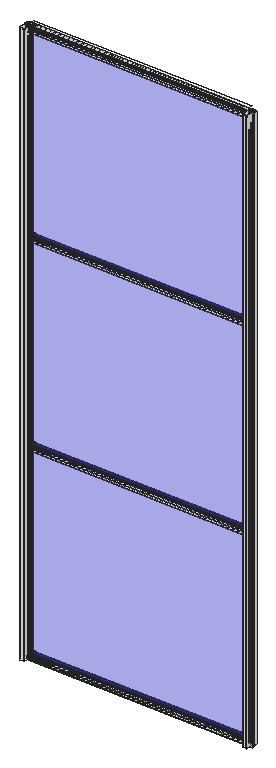
Revit family "Facade_60_Curtain_Wall_S13_Standard", category Windows, host Wall, Revit 2014
Parameters (values of type "F60-S13-3075-2000Pa")
  Windload Design [instance] = if(Custom Windload < 1001 mm, 1000 mm, if(Custom Windload < 1501 mm, 1500 mm, 2000 mm))  # 2000 mm
  Width [instance] = if(Custom Curtain Wall Width < Limit Door Width Min, Limit Door Width Min, if(Custom Curtain Wall Width > Limit Door Width Max, Limit Door Width Max, Custom Curtain Wall Width))  # 2990 mm
  Wall Thickness [instance] = 200 mm
  Vertical Profile Length [instance] = Height - Frame Bottom Gap  # 7460 mm
  URL = "http://www.crealco.co.za/crealco-products.php"
  Type Comments = ""
  Thermal Resistance (R) [instance] = if(IGDB or SAGDB Number = 100100, 1.0000 (m²·K)/W / Intruderprufe U Value, if(IGDB or SAGDB Number = 100100, 1.0000 (m²·K)/W / Intruderprufe U Value, if(IGDB or SAGDB Number = 105003, 1.0000 (m²·K)/W / Intruderprufe Insulated U Value, if(IGDB or SAGDB Number = 105004, 1.0000 (m²·K)/W / Intruderprufe Insulated LowE U Value, 1.0000 (m²·K)/W / 7.9)))) * 1  # 0.126582 (m²·K)/W
  Thermal Break Material = Plastic, Opaque Black
  Solar Heat Gain Coefficient [instance] = if(IGDB or SAGDB Number = 100100, Intruderprufe SHGC Value, if(IGDB or SAGDB Number = 103200, Intruderprufe LowE SHGC Value, if(IGDB or SAGDB Number = 105003, Intruderprufe Insulated SHGC Value, if(IGDB or SAGDB Number = 105004, Intruderprufe Insulated LowE SHGC Value, 0))))  # 0
  Single Glazing [instance] = if(DG Forced, 1 = 0, not(Double Glazing))  # no
  Sill Height = 85 mm  # constant formula
  SG Forced [instance] = not(DG Forced)  # no
  Quarter Expansion Break = no
  Overall Width [instance] = 2990 mm
  Overall Height [instance] = 7490 mm
  Mullion Configuration = 1 mm  # constant formula
  Model = "Façade 60 "  # constant formula
  Transom Vertical Spacing [instance] = (Height - Frame Bottom Gap - (4 mm * 60)) / 3  # 2406.667 mm
  Mid Glazing Bottom Gap [instance] = Frame Bottom Gap + 60 mm + Transom Vertical Spacing + 39.8 mm  # 2536.467 mm
  Max System DG Unit Thickness = 25 mm  # constant formula
  Max System DG One Piece Thickness [instance] = rounddown((Max System DG Unit Thickness - DG Gasket Thickness) / 2 mm) * 1 mm  # 6 mm
  Max Pane Area [instance] = Glazing Width * Glazing Height  # 7.12194 m²
  Manufacturer = "Crealco"  # constant formula
  Limit Door Width Min = Limit Panel Width Min + (2 * Glazing Side Gap)  # 379.6 mm
  Limit Door Width Max = Limit Panel Width Max + (2 * Glazing Side Gap)  # 3079.6 mm
  Limit Door Height Min = (3 * Limit Panel Height Min) + 69.8 mm + (2 mm * 19.6) + 39.8 mm  # 1048.8 mm
  Limit Door Height Max = (3 * Limit Panel Height Max) + 69.8 mm + (2 mm * 19.6) + 39.8 mm  # 18148.8 mm
  Limit Panel Width Min = 300 mm  # constant formula
  Limit Panel Width Max = 3000 mm  # constant formula
  Limit Panel Height Min = 300 mm  # constant formula
  Limit Panel Height Max = 6000 mm  # constant formula
  Sill Length [instance] = Width  # 2990 mm
  Length Sill [instance] = Width  # 2990 mm
  Keynote = ""
  Jamb Width = 60 mm  # constant formula
  Intruderprufe U Value = 5.75
  Intruderprufe SHGC Value = 0.748
  Intruderprufe LowE U Value = 3.98
  Intruderprufe LowE SHGC Value = 0.655
  Intruderprufe Insulated U Value = 2.88
  Intruderprufe Insulated SHGC Value = 0.643
  Intruderprufe Insulated LowE U Value = 2.17
  Intruderprufe Insulated LowE SHGC Value = 0.579
  Horizontal Profile Length [instance] = Width - (2 * Jamb Width)  # 2870 mm
  Half Expansion Break = no
  Glazing Width [instance] = Horizontal Profile Length + (2 mm * 20.2)  # 2910.4 mm
  Glazing Top Gap = 39.8 mm  # constant formula
  Glazing Side Gap = 39.8 mm  # constant formula
  Glazing Height [instance] = (Height - Glazing Top Gap - Glazing Bottom Gap - (2 * (60 mm - 20.2 mm - 20.2 mm))) / 3  # 2447.067 mm
  Glazing Gap SG [instance] = (14 mm - SG Thickness) / 2  # 2 mm
  Glazing Gap DG [instance] = (28 mm - (DG Thickness + DG Thickness + DG Gasket Thickness)) / 2  # 2 mm
  Glazing Bottom Gap = 69.8 mm  # constant formula
  Frame Thickness = 101.8 mm  # constant formula
  Frame Bottom Gap = 30 mm  # constant formula
  Door Leaf Height [instance] = 2050 mm
  Double Glazing [instance] = yes
  DG Thickness Calc [instance] = if(not(Max Pane Area > 1.125 m²), 4 mm, if(not(Max Pane Area > 2.25 m²), 4 mm, if(not(Max Pane Area > 3.15 m²), 5 mm, if(not(Max Pane Area > 4.35 m²), 6 mm, if(not(Max Pane Area > 6.45 m²), 8 mm, 10 mm)))))  # 10 mm
  DG Thickness [instance] = if(IGDB or SAGDB Number = 105003, 6 mm, if(IGDB or SAGDB Number = 105004, 7 mm, if(DG Thickness Calc > Max System DG One Piece Thickness, Max System DG One Piece Thickness, DG Thickness Calc)))  # 6 mm
  DG Gasket Thickness = 12 mm  # constant formula
  DG Gasket Finish [instance] = Double Glazing Gasket Material
  DG Forced [instance] = if(IGDB or SAGDB Number = 100100, 1 = 0, if(IGDB or SAGDB Number = 103200, 1 = 0, if(IGDB or SAGDB Number = 105003, 1 = 1, if(IGDB or SAGDB Number = 105004, 1 = 1, Double Glazing))))  # yes
  IGDB or SAGDB Number [instance] = 0
  Height [instance] = if(Custom Curtain Wall Height < Limit Door Height Min, Limit Door Height Min, if(Custom Curtain Wall Height > Limit Door Height Max, Limit Door Height Max, Custom Curtain Wall Height))  # 7490 mm
  Heat Transfer Coefficient (U) [instance] = if(IGDB or SAGDB Number = 100100, Intruderprufe U Value, if(IGDB or SAGDB Number = 103200, Intruderprufe LowE U Value, if(IGDB or SAGDB Number = 105003, Intruderprufe Insulated U Value, if(IGDB or SAGDB Number = 105004, Intruderprufe Insulated LowE U Value, 7.9)))) * 1.0000 W/(m²·K)  # 7.9000 W/(m²·K)
  SG Thickness [instance] = if(IGDB or SAGDB Number = 100100, 6 mm, if(IGDB or SAGDB Number = 103200, 7 mm, if(not(Max Pane Area > 0.75 m²), 4 mm, if(not(Max Pane Area > 1.50 m²), 4 mm, if(not(Max Pane Area > 2.10 m²), 5 mm, if(not(Max Pane Area > 2.90 m²), 6.4 mm, if(not(Max Pane Area > 4.30 m²), 8 mm, 10 mm)))))))  # 10 mm
  Glazing Material [instance] = if(IGDB or SAGDB Number = 100100, "PFG INTRUDERPRUFE 6.38mm", if(IGDB or SAGDB Number = 103200, "PFG INTRUDERPRUFE LOW-E 7.38mm", if(IGDB or SAGDB Number = 105003, "PFG 25mm INTRUDERPRUFE INSULATED GLASS", if(IGDB or SAGDB Number = 105004, "PFG 25mm INTRUDERPRUFE INSULATED GLASS LOW-E", "Unknown"))))  # "Unknown"
  Glazing Finish [instance] = Glass
  Glazing Code [instance] = if(IGDB or SAGDB Number = 100100, "LAM01", if(IGDB or SAGDB Number = 103200, "LAM01E", if(IGDB or SAGDB Number = 105003, "IGU25", if(IGDB or SAGDB Number = 105004, "IGU25E", "Unknown"))))  # "Unknown"
  Frame Offset From Exterior [instance] = if(Centered In Wall, (Wall Thickness - Frame Thickness) / 2, Custom Offset From Exterior) + 5.9 mm  # 55 mm
  Description = "Curtain wall, S13 "  # constant formula
  Default Sill Height = 0 mm
  Wall Closure = By host
  Custom Curtain Wall Width = 2990 mm
  Custom Curtain Wall Height = 7490 mm
  Custom Windload = 2000 mm
  Custom Offset From Exterior = 10 mm
  Centered In Wall [instance] = 1 = 1  # yes
  Aluminium Finish [instance] = White Powder Coated Aluminium ANP 1052
  All Available Glazing Numbers [instance] = "The rows below list the available glazing materials for this window:"  # constant formula
  190mm Mullion = if(Mullion Configuration = 3 mm, 1 = 1, 1 = 0)  # no
  160mm Mullion = if(Mullion Configuration = 2 mm, 1 = 1, 1 = 0)  # no
  105004 [instance] = "IGU25E"  # constant formula
  105003 [instance] = "IGU25"  # constant formula
  103200 [instance] = "LAM01E"  # constant formula
  100mm Mullion = if(or(Mullion Configuration = 2 mm, Mullion Configuration = 3 mm), 1 = 0, 1 = 1)  # yes
  100100 [instance] = "LAM01"  # constant formula
Reference planes
  plane 1 "Center (Front/Back)": y = 0
  plane 2 "Center (Left/Right)": x = 0
  plane 3 "Left": x = -1495
  plane 4 "Right": x = 1495
  plane 5 "Sill": z = 0
  plane 6 "Head": z = 7490
  plane 7 "Exterior": y = 100
  plane 8 "Interior": y = -100
Lines and regions (mm)
  Opening 1
    outline origin (3507.082, -100, 0) x (1, 0, 0) y (0, 0, 1)
      loop
        line (-2012.082, 0) -> (-2012.082, 7490) -> (-5002.082, 7490) -> (-5002.082, 0) -> (-2012.082, 0)
Text (mm)
  text "EXTERIOR" at (-1963.203, 1332.353, 0), in view "Ref. Level"
  text "INTERIOR" at (-1981.466, -818.386, 0), in view "Ref. Level"
  text "Exterior" at (0, 923.751, 2943.296), in view "Right"
  text "Exterior" at (0, 1040.484, 2685.409), in view "Left"
Dimensions and locks
  equal spacing: plane 3 "Left", plane 2 "Center (Left/Right)", plane 4 "Right"
  "Width": plane 3 "Left" to plane 4 "Right"
  "Height": plane 5 "Sill" to plane 6 "Head"
  "Default Sill Height": plane 5 "Sill" to level
  locked: plane 7 "Exterior" to host wall at 0
  locked: plane 8 "Interior" to host wall
  "Overall Height": plane 6 "Head" to plane 5 "Sill"
  "Overall Width": plane 3 "Left" to plane 4 "Right"
  "Wall Thickness": host wall to host wall
  "Jamb Width": nested 3 to plane 4 "Right"
  "Jamb Width": nested 5 to plane 4 "Right"
  "Frame Bottom Gap": nested 5 to level
  "Frame Offset From Exterior": nested 1 to plane 7 "Exterior"
  "Glazing Side Gap": nested 6 to plane 4 "Right"
  "Glazing Top Gap": nested 6 to plane 6 "Head"
  "Glazing Gap SG": nested 6 to nested 1
  "Glazing Side Gap": nested 7 to plane 4 "Right"
  "Glazing Top Gap": nested 7 to plane 6 "Head"
  "Glazing Gap DG": nested 7 to nested 1
  "Jamb Width": nested 8 to plane 4 "Right"
  "Glazing Side Gap": nested 9 to plane 4 "Right"
  "Glazing Side Gap": nested 10 to plane 4 "Right"
  "Glazing Gap SG": nested 10 to nested 1
  "Glazing Gap DG": nested 9 to nested 1
  "Glazing Bottom Gap": nested 9 to level
  "Glazing Bottom Gap": nested 10 to level
  locked: nested 1 to nested 5 at 8.887
  "Transom Vertical Spacing": nested 8 to nested 5
  "Jamb Width": nested 11 to plane 4 "Right"
  "Transom Vertical Spacing": nested 11 to nested 8
  "Glazing Side Gap": nested 12 to plane 4 "Right"
  "Glazing Side Gap": nested 13 to plane 4 "Right"
  "Glazing Gap SG": nested 13 to nested 1
  "Glazing Gap DG": nested 12 to nested 1
  "Mid Glazing Bottom Gap": nested 12 to level
  "Mid Glazing Bottom Gap": nested 13 to level
  aligned and locked: plane 4 "Right" to nested 1
  aligned and locked: nested 1 to plane 6 "Head"
  aligned and locked: plane 3 "Left" to nested 2
  aligned and locked: plane 6 "Head" to nested 2
  aligned and locked: nested 3 to plane 6 "Head"
  aligned and locked: nested 1 to nested 3
  aligned and locked: nested 4 to level
  aligned and locked: plane 4 "Right" to nested 4
  aligned and locked: nested 1 to nested 2
  aligned and locked: nested 5 to nested 4
  aligned and locked: nested 8 to nested 3
  aligned and locked: nested 11 to nested 3
Automatic sketch dimensions
  plane 3 "Left" to Opening 1 sketch curve = 0 mm
  plane 4 "Right" to Opening 1 sketch curve = 0 mm
  Opening 1 sketch curve to plane 5 "Sill" = 0 mm
  Opening 1 sketch curve to plane 6 "Head" = 0 mm
Nested families
  nested 1: "F60 Vertical Profile Side_S13_Std" at (1495, -1.058, 30) x (-1, 0, 0) z (0, 0, 1), Thermal Break Material <- "Thermal Break Material", Profile Material <- "Aluminium Finish", Length <- "Vertical Profile Length", Single Glazing <- "SG Forced", Double Glazing <- "DG Forced", 100mm Mullion <- "100mm Mullion", 160mm Mullion <- "160mm Mullion", 190mm Mullion <- "190mm Mullion", Quarter Expansion Break <- "Quarter Expansion Break", Half Expansion Break <- "Half Expansion Break", type "F60 Vertical Profile Side_S13_Std"
    with Thermal Break Material Plastic, Opaque Black, Single Glazing no, Quarter SG Expansion Break no, Quarter Length 1865 mm, Quarter Expansion Break no, Quarter DG Expansion Break no, Quarter 190mm Expansion Break no, Quarter 160mm Expansion Break no, Quarter 100mm Expansion Break no, Profile Material White Powder Coated Aluminium ANP 1052, Length 7460 mm, Half SG Expansion Break no, Half Length 3730 mm, Half Expansion Break no, Half DG Expansion Break no, Half 190mm Expansion Joint no, Half 160mm Expansion Break no, Half 100mm Expansion Break no, Double Glazing yes, 190mm Mullion no, 160mm Mullion no, 100mm Mullion yes
  nested 2: "F60 Vertical Profile Side_S13_Std" at (-1495, -1.058, 30), Thermal Break Material <- "Thermal Break Material", Profile Material <- "Aluminium Finish", Length <- "Vertical Profile Length", Single Glazing <- "SG Forced", Double Glazing <- "DG Forced", 100mm Mullion <- "100mm Mullion", 160mm Mullion <- "160mm Mullion", 190mm Mullion <- "190mm Mullion", Quarter Expansion Break <- "Quarter Expansion Break", Half Expansion Break <- "Half Expansion Break", type "F60 Vertical Profile Side_S13_Std"
    with Thermal Break Material Plastic, Opaque Black, Single Glazing no, Quarter SG Expansion Break no, Quarter Length 1865 mm, Quarter Expansion Break no, Quarter DG Expansion Break no, Quarter 190mm Expansion Break no, Quarter 160mm Expansion Break no, Quarter 100mm Expansion Break no, Profile Material White Powder Coated Aluminium ANP 1052, Length 7460 mm, Half SG Expansion Break no, Half Length 3730 mm, Half Expansion Break no, Half DG Expansion Break no, Half 190mm Expansion Joint no, Half 160mm Expansion Break no, Half 100mm Expansion Break no, Double Glazing yes, 190mm Mullion no, 160mm Mullion no, 100mm Mullion yes
  nested 3: "F60 Horizontal Profile Top_S13_Std" at (1435, -50.858, 7430) x (-1, 0, 0) z (0, 0, 1), Thermal Break Material <- "Thermal Break Material", Profile Material <- "Aluminium Finish", Length <- "Horizontal Profile Length", Single Glazing <- "SG Forced", Double Glazing <- "DG Forced", type "F60 Horizontal Profile Top_S13_Std"
    with Thermal Break Material Plastic, Opaque Black, Single Glazing no, Profile Material White Powder Coated Aluminium ANP 1052, Length 2870 mm, Double Glazing yes
  nested 4: "F60 Sill_S13_Std" at (1495, -13.486, -1.88) x (-1, 0, 0) z (0, 0, 1), Profile Material <- "Aluminium Finish", Length Sill <- "Length Sill", type "F60 Sill_S13_Std"
    with Profile Material White Powder Coated Aluminium ANP 1052, Length Sill 2990 mm
  nested 5: "F60 Horizontal Profile Bottom_S13_Std" at (1435, -50.858, 30) x (-1, 0, 0) z (0, 0, 1), Thermal Break Material <- "Thermal Break Material", Profile Material <- "Aluminium Finish", Length <- "Horizontal Profile Length", Single Glazing <- "SG Forced", Double Glazing <- "DG Forced", type "F60 Horizontal Profile Bottom_S13_Std"
    with Thermal Break Material Plastic, Opaque Black, Single Glazing no, Profile Material White Powder Coated Aluminium ANP 1052, Length 2870 mm, Double Glazing yes
  nested 6: "F60_Single_Glazing_S13_Std" at (1455.2, 10.942, 5003.133), Glazing Width <- "Glazing Width", Glazing Height <- "Glazing Height", SG Thickness <- "SG Thickness", Glazing Finish <- "Glazing Finish", visible <- "SG Forced", type "F60_Single_Glazing_S13_Std"
    with SG Thickness 10 mm, Glazing Width 2910.4 mm, Glazing Height 2447.067 mm, Glazing Finish Glass
  nested 7: "F60_Double_Glazing_S13_Std" at (1455.2, 24.942, 5003.133), Glazing Material <- "Glazing Finish", Double Glazing Gasket Material <- "DG Gasket Finish", Glazing Width <- "Glazing Width", Glazing Height <- "Glazing Height", Glazing Thickness DG <- "DG Thickness", Double Glazing Gasket Thickness <- "DG Gasket Thickness", visible <- "DG Forced", type "F60_Double_Glazing_S13_Std"
    with Glazing Width 2910.4 mm, Glazing Thickness DG 6 mm, Glazing Material Glass, Glazing Height 2447.067 mm, Double Glazing Gasket Thickness 12 mm, Double Glazing Gasket Material Double Glazing Gasket Material
  nested 8: "F60 Horizontal Profile Middle_S13_Std" at (1435, -50.858, 2496.667) x (-1, 0, 0) z (0, 0, 1), Thermal Break Material <- "Thermal Break Material", Profile Material <- "Aluminium Finish", Length <- "Horizontal Profile Length", Single Glazing <- "SG Forced", Double Glazing <- "DG Forced", type "F60 Horizontal Profile Middle_S13_Std"
    with Thermal Break Material Plastic, Opaque Black, Single Glazing no, Profile Material White Powder Coated Aluminium ANP 1052, Length 2870 mm, Double Glazing yes
  nested 9: "F60_Double_Glazing_S13_Std" at (1455.2, 24.942, 69.8), Glazing Material <- "Glazing Finish", Double Glazing Gasket Material <- "DG Gasket Finish", Glazing Width <- "Glazing Width", Glazing Height <- "Glazing Height", Glazing Thickness DG <- "DG Thickness", Double Glazing Gasket Thickness <- "DG Gasket Thickness", visible <- "DG Forced", type "F60_Double_Glazing_S13_Std"
    with Glazing Width 2910.4 mm, Glazing Thickness DG 6 mm, Glazing Material Glass, Glazing Height 2447.067 mm, Double Glazing Gasket Thickness 12 mm, Double Glazing Gasket Material Double Glazing Gasket Material
  nested 10: "F60_Single_Glazing_S13_Std" at (1455.2, 10.942, 69.8), Glazing Width <- "Glazing Width", Glazing Height <- "Glazing Height", SG Thickness <- "SG Thickness", Glazing Finish <- "Glazing Finish", visible <- "SG Forced", type "F60_Single_Glazing_S13_Std"
    with SG Thickness 10 mm, Glazing Width 2910.4 mm, Glazing Height 2447.067 mm, Glazing Finish Glass
  nested 11: "F60 Horizontal Profile Middle_S13_Std" at (1435, -50.858, 4963.333) x (-1, 0, 0) z (0, 0, 1), Thermal Break Material <- "Thermal Break Material", Profile Material <- "Aluminium Finish", Length <- "Horizontal Profile Length", Single Glazing <- "SG Forced", Double Glazing <- "DG Forced", type "F60 Horizontal Profile Middle_S13_Std"
    with Thermal Break Material Plastic, Opaque Black, Single Glazing no, Profile Material White Powder Coated Aluminium ANP 1052, Length 2870 mm, Double Glazing yes
  nested 12: "F60_Double_Glazing_S13_Std" at (1455.2, 24.942, 2536.467), Glazing Material <- "Glazing Finish", Double Glazing Gasket Material <- "DG Gasket Finish", Glazing Width <- "Glazing Width", Glazing Height <- "Glazing Height", Glazing Thickness DG <- "DG Thickness", Double Glazing Gasket Thickness <- "DG Gasket Thickness", visible <- "DG Forced", type "F60_Double_Glazing_S13_Std"
    with Glazing Width 2910.4 mm, Glazing Thickness DG 6 mm, Glazing Material Glass, Glazing Height 2447.067 mm, Double Glazing Gasket Thickness 12 mm, Double Glazing Gasket Material Double Glazing Gasket Material
  nested 13: "F60_Single_Glazing_S13_Std" at (1455.2, 10.942, 2536.467), Glazing Width <- "Glazing Width", Glazing Height <- "Glazing Height", SG Thickness <- "SG Thickness", Glazing Finish <- "Glazing Finish", visible <- "SG Forced", type "F60_Single_Glazing_S13_Std"
    with SG Thickness 10 mm, Glazing Width 2910.4 mm, Glazing Height 2447.067 mm, Glazing Finish Glass
Definition of nested family "F60 Vertical Profile Side_S13_Std"
  Parameters (values of type "F60 Vertical Profile Side")
    Quarter SG Expansion Break [instance] = if(and(Quarter Expansion Break, Single Glazing), 1 = 1, 1 = 0)  # yes
    Quarter Length [instance] = Length / 4  # 62.5 mm
    Thermal Break Material [instance] = none
    Single Glazing [instance] = yes
    Quarter Expansion Break [instance] = yes
    Quarter DG Expansion Break [instance] = if(and(Quarter Expansion Break, Double Glazing), 1 = 1, 1 = 0)  # yes
    Quarter 190mm Expansion Break [instance] = if(and(Quarter Expansion Break, [190mm Mullion]), 1 = 1, 1 = 0)  # yes
    Quarter 160mm Expansion Break [instance] = if(and(Quarter Expansion Break, [160mm Mullion]), 1 = 1, 1 = 0)  # yes
    Quarter 100mm Expansion Break [instance] = if(and(Quarter Expansion Break, [100mm Mullion]), 1 = 1, 1 = 0)  # yes
    Profile Material [instance] = none
    Length [instance] = 250 mm
    Half SG Expansion Break [instance] = if(and(Half Expansion Break, Single Glazing), 1 = 1, 1 = 0)  # yes
    Half Length [instance] = Length / 2  # 125 mm
    Half Expansion Break [instance] = yes
    Half DG Expansion Break [instance] = if(and(Half Expansion Break, Double Glazing), 1 = 1, 1 = 0)  # yes
    Half 190mm Expansion Joint [instance] = if(and(Half Expansion Break, [190mm Mullion]), 1 = 1, 1 = 0)  # yes
    Half 160mm Expansion Break [instance] = if(and(Half Expansion Break, [160mm Mullion]), 1 = 1, 1 = 0)  # yes
    Half 100mm Expansion Break [instance] = if(and(Half Expansion Break, [100mm Mullion]), 1 = 1, 1 = 0)  # yes
    Double Glazing [instance] = yes
    190mm Mullion [instance] = yes
    160mm Mullion [instance] = yes
    100mm Mullion [instance] = yes
  Reference planes
    plane 1 "Center (Front/Back)": y = 0
    plane 2: z = 0
    plane 3 "Center (Left/Right)": x = 0
  Forms (mm)
    Extrusion 1, solid, material <- "Profile Material"
      sketch origin (0, 0, 0) x (1, 0, 0) y (0, 1, 0)
        loop
          arc (25.249, -8.7) -> (25.484, -9.266) -> (26.049, -9.5) r 0.8
          line (26.049, -9.5) -> (27.1, -9.5) -> (27.1, 7) -> (32.902, 7) -> (32.902, -9.5) -> (33.951, -9.5)
          arc (33.951, -9.5) -> (34.516, -9.266) -> (34.751, -8.7) r 0.8
          line (34.751, -8.7) -> (34.751, 6.2)
          arc (34.751, 6.2) -> (34.985, 6.766) -> (35.551, 7) r 0.8
          line (35.551, 7) -> (52.1, 7) -> (52.1, 5.4) -> (50.55, 5.4) -> (50.55, 4.55)
          arc (50.55, 4.55) -> (50.726, 4.126) -> (51.15, 3.95) r 0.6
          line (51.15, 3.95) -> (52.1, 3.95) -> (52.1, 1)
          arc (52.1, 1) -> (51.6, 0.5) -> (52.1, 0) r 0.5
          line (52.1, 0) -> (54.45, 0) -> (54.45, 1.15) -> (53.3, 1.15) -> (53.3, 2.45) -> (58.8, 2.45) -> (58.8, 1.15) -> (57.65, 1.15) -> (57.65, 0) -> (59.5, 0)
          arc (59.5, 0) -> (59.854, 0.146) -> (60, 0.5) r 0.5
          line (60, 0.5) -> (60, 3.9) -> (53.55, 3.9) -> (53.55, 7.6)
          arc (53.55, 7.6) -> (53.316, 8.166) -> (52.75, 8.4) r 0.8
          line (52.75, 8.4) -> (30, 8.4) -> (7.25, 8.4)
          arc (7.25, 8.4) -> (6.684, 8.166) -> (6.45, 7.6) r 0.8
          line (6.45, 7.6) -> (6.45, 3.9) -> (0, 3.9) -> (0, 0.5)
          arc (0, 0.5) -> (0.146, 0.146) -> (0.5, 0) r 0.5
          line (0.5, 0) -> (2.35, 0) -> (2.35, 1.15) -> (1.2, 1.15) -> (1.2, 2.45) -> (6.7, 2.45) -> (6.7, 1.15) -> (5.55, 1.15) -> (5.55, 0) -> (7.9, 0)
          arc (7.9, 0) -> (8.4, 0.5) -> (7.9, 1) r 0.5
          line (7.9, 1) -> (7.9, 3.95) -> (8.85, 3.95)
          arc (8.85, 3.95) -> (9.274, 4.126) -> (9.45, 4.55) r 0.6
          line (9.45, 4.55) -> (9.45, 5.4) -> (7.9, 5.4) -> (7.9, 7) -> (24.449, 7)
          arc (24.449, 7) -> (25.015, 6.766) -> (25.249, 6.2) r 0.8
          line (25.249, 6.2) -> (25.249, -8.7)
      from 0 to 250 <- "Length"
    Extrusion 2, solid, material <- "Thermal Break Material"
      sketch origin (0, 0, 0) x (1, 0, 0) y (0, 1, 0)
        loop
          line (1.75, 9.8) -> (1.75, 5.2) -> (0, 5.2) -> (0, 3.9) -> (6.35, 3.9) -> (6.35, 7.856)
          arc (6.35, 7.856) -> (6.526, 8.281) -> (6.95, 8.456) r 0.6
          line (6.95, 8.456) -> (30, 8.456) -> (53.05, 8.456)
          arc (53.05, 8.456) -> (53.474, 8.281) -> (53.65, 7.856) r 0.6
          line (53.65, 7.856) -> (53.65, 3.9) -> (60, 3.9) -> (60, 5.2) -> (58.25, 5.2) -> (58.25, 9.8) -> (30, 9.8) -> (1.75, 9.8)
      from 0 to 250 <- "Length"
    Extrusion 3, solid, material <- "Thermal Break Material", visible <- "Single Glazing"
      sketch origin (0, 0, 0) x (1, 0, 0) y (0, 1, 0)
        loop
          line (25.749, -14.011) -> (27.672, -14.011) -> (28.481, -12.611) -> (31.518, -12.611) -> (32.327, -14.011) -> (34.249, -14.011)
          arc (34.249, -14.011) -> (34.603, -13.864) -> (34.749, -13.511) r 0.5
          line (34.749, -13.511) -> (34.749, -10.011)
          arc (34.749, -10.011) -> (34.603, -9.657) -> (34.249, -9.511) r 0.5
          line (34.249, -9.511) -> (32.352, -9.511) -> (32.352, 0.19) -> (31.349, 2.261)
          arc (31.349, 2.261) -> (29.999, 2.986) -> (28.649, 2.261) r 1.62
          line (28.649, 2.261) -> (27.647, 0.19) -> (27.647, -9.511) -> (25.749, -9.511)
          arc (25.749, -9.511) -> (25.396, -9.657) -> (25.249, -10.011) r 0.5
          line (25.249, -10.011) -> (25.249, -13.511)
          arc (25.249, -13.511) -> (25.396, -13.864) -> (25.749, -14.011) r 0.5
        loop
          line (28.504, -10.005) -> (28.504, -10.861)
          arc (28.504, -10.861) -> (28.651, -11.214) -> (29.004, -11.361) r 0.5
          line (29.004, -11.361) -> (30.994, -11.361)
          arc (30.994, -11.361) -> (31.348, -11.214) -> (31.494, -10.861) r 0.5
          line (31.494, -10.861) -> (31.494, -10.005) -> (30.708, -9.219)
          arc (30.708, -9.219) -> (30.383, -9.001) -> (29.999, -8.924) r 1.007
          arc (29.999, -8.924) -> (29.616, -8.999) -> (29.292, -9.217) r 0.986
          line (29.292, -9.217) -> (28.504, -10.005)
        loop
          arc (30.896, 1.935) -> (29.887, 2.44) -> (29.005, 1.735) r 1.047
          line (29.005, 1.735) -> (28.347, 0.374) -> (28.347, -6.993)
          arc (28.347, -6.993) -> (28.583, -7.417) -> (29.068, -7.441) r 0.5
          arc (29.068, -7.441) -> (29.999, -7.223) -> (30.93, -7.441) r 2.099
          arc (30.93, -7.441) -> (31.416, -7.417) -> (31.652, -6.993) r 0.5
          line (31.652, -6.993) -> (31.652, 0.374) -> (30.896, 1.935)
      from 0 to 250 <- "Length"
    Extrusion 4, solid, material <- "Profile Material", visible <- "Single Glazing"
      sketch origin (0, 0, 0) x (1, 0, 0) y (0, 1, 0)
        loop
          line (52.693, -14.011) -> (32.327, -14.011) -> (31.519, -12.611) -> (28.481, -12.611) -> (27.673, -14.011) -> (7.307, -14.011) -> (7.307, -15.011) -> (8.457, -15.011) -> (8.457, -16.261) -> (2.957, -16.261) -> (2.957, -15.011) -> (4.107, -15.011) -> (4.107, -14.011) -> (1.707, -14.011)
          arc (1.707, -14.011) -> (1.199, -14.293) -> (1.168, -14.873) r 0.6
          line (1.168, -14.873) -> (2.093, -16.772) -> (1.015, -17.298) -> (1.484, -18.261) -> (11.488, -18.261)
          arc (11.488, -18.261) -> (11.913, -18.085) -> (12.088, -17.661) r 0.6
          line (12.088, -17.661) -> (12.088, -16.811) -> (47.912, -16.811) -> (47.912, -17.661)
          arc (47.912, -17.661) -> (48.088, -18.085) -> (48.512, -18.261) r 0.6
          line (48.512, -18.261) -> (58.518, -18.261) -> (58.987, -17.298) -> (57.908, -16.772) -> (58.834, -14.874)
          arc (58.834, -14.874) -> (58.802, -14.293) -> (58.293, -14.011) r 0.6
          line (58.293, -14.011) -> (55.893, -14.011) -> (55.893, -15.011) -> (57.043, -15.011) -> (57.043, -16.261) -> (51.543, -16.261) -> (51.543, -15.011) -> (52.693, -15.011) -> (52.693, -14.011)
      from 0 to 250 <- "Length"
    Extrusion 5, solid, material <- "Profile Material", visible <- "Single Glazing"
      sketch origin (0, 0, 0) x (1, 0, 0) y (0, 1, 0)
        loop
          line (2.801, -18.261) -> (1.484, -18.261) -> (1.015, -17.298) -> (2.093, -16.772) -> (0.779, -14.076)
          arc (0.779, -14.076) -> (0.239, -14.21) -> (0.001, -14.713) r 0.65
          line (0.001, -14.713) -> (0.001, -28.068)
          arc (0.001, -28.068) -> (1.172, -30.897) -> (4.001, -32.068) r 4
          line (4.001, -32.068) -> (30.001, -32.068) -> (56.001, -32.068)
          arc (56.001, -32.068) -> (58.829, -30.897) -> (60.001, -28.068) r 4
          line (60.001, -28.068) -> (60.001, -14.713)
          arc (60.001, -14.713) -> (59.763, -14.21) -> (59.223, -14.076) r 0.65
          line (59.223, -14.076) -> (57.908, -16.772) -> (58.987, -17.298) -> (58.518, -18.261) -> (57.201, -18.261)
          arc (57.201, -18.261) -> (56.83, -18.425) -> (56.703, -18.811) r 0.5
          arc (56.703, -18.811) -> (56.83, -19.196) -> (57.201, -19.361) r 0.5
          line (57.201, -19.361) -> (58.951, -19.361) -> (58.951, -27.968)
          arc (58.951, -27.968) -> (58.131, -29.948) -> (56.151, -30.768) r 2.8
          line (56.151, -30.768) -> (30.001, -30.768) -> (3.851, -30.768)
          arc (3.851, -30.768) -> (1.871, -29.948) -> (1.051, -27.968) r 2.8
          line (1.051, -27.968) -> (1.051, -19.361) -> (2.801, -19.361)
          arc (2.801, -19.361) -> (3.172, -19.196) -> (3.298, -18.811) r 0.5
          arc (3.298, -18.811) -> (3.172, -18.425) -> (2.801, -18.261) r 0.5
      from 0 to 250 <- "Length"
    Extrusion 6, solid, material <- "Profile Material", visible <- "100mm Mullion"
      sketch origin (0, 0, 0) x (1, 0, 0) y (0, 1, 0)
        loop
          line (14.02, 13) -> (45.98, 13)
          arc (45.98, 13) -> (46.539, 12.842) -> (46.917, 12.4) r 1
          arc (46.917, 12.4) -> (47.285, 11.963) -> (47.833, 11.8) r 1
          line (47.833, 11.8) -> (58.15, 11.8) -> (58.15, 96.3) -> (47.833, 96.3)
          arc (47.833, 96.3) -> (47.285, 96.137) -> (46.917, 95.7) r 1
          arc (46.917, 95.7) -> (46.548, 95.263) -> (46, 95.1) r 1
          line (46, 95.1) -> (14, 95.1)
          arc (14, 95.1) -> (13.452, 95.263) -> (13.083, 95.7) r 1
          arc (13.083, 95.7) -> (12.715, 96.137) -> (12.167, 96.3) r 1
          line (12.167, 96.3) -> (1.85, 96.3) -> (1.85, 11.8) -> (12.167, 11.8)
          arc (12.167, 11.8) -> (12.715, 11.963) -> (13.083, 12.4) r 1
          arc (13.083, 12.4) -> (13.461, 12.842) -> (14.02, 13) r 1
        loop
          line (1.65, 9.856) -> (58.35, 9.856) -> (58.35, 5.2) -> (60, 5.2) -> (60, 98.8)
          arc (60, 98.8) -> (59.707, 99.507) -> (59, 99.8) r 1
          line (59, 99.8) -> (1, 99.8)
          arc (1, 99.8) -> (0.293, 99.507) -> (0, 98.8) r 1
          line (0, 98.8) -> (0, 5.2) -> (1.65, 5.2) -> (1.65, 9.856)
      from 0 to 250 <- "Length"
    Extrusion 7, solid, material <- "Profile Material", visible <- "160mm Mullion"
      sketch origin (0, 0, 0) x (1, 0, 0) y (0, 1, 0)
        loop
          arc (2.35, 15.6) -> (2.526, 15.176) -> (2.95, 15) r 0.6
          line (2.95, 15) -> (57.05, 15)
          arc (57.05, 15) -> (57.474, 15.176) -> (57.65, 15.6) r 0.6
          line (57.65, 15.6) -> (57.65, 153.7)
          arc (57.65, 153.7) -> (57.474, 154.124) -> (57.05, 154.3) r 0.6
          line (57.05, 154.3) -> (47.833, 154.3)
          arc (47.833, 154.3) -> (47.285, 154.137) -> (46.917, 153.7) r 1
          arc (46.917, 153.7) -> (46.548, 153.263) -> (46, 153.1) r 1
          line (46, 153.1) -> (14, 153.1)
          arc (14, 153.1) -> (13.452, 153.263) -> (13.083, 153.7) r 1
          arc (13.083, 153.7) -> (12.715, 154.137) -> (12.167, 154.3) r 1
          line (12.167, 154.3) -> (2.95, 154.3)
          arc (2.95, 154.3) -> (2.526, 154.124) -> (2.35, 153.7) r 0.6
          line (2.35, 153.7) -> (2.35, 15.6)
        loop
          arc (1, 159.8) -> (0.293, 159.507) -> (0, 158.8) r 1
          line (0, 158.8) -> (0, 5.2) -> (1.65, 5.2) -> (1.65, 10.013) -> (58.35, 10.013) -> (58.35, 5.2) -> (60, 5.2) -> (60, 158.8)
          arc (60, 158.8) -> (59.707, 159.507) -> (59, 159.8) r 1
          line (59, 159.8) -> (1, 159.8)
      from 0 to 250 <- "Length"
    Extrusion 8, solid, material <- "Profile Material", visible <- "190mm Mullion"
      sketch origin (0, 0, 0) x (1, 0, 0) y (0, 1, 0)
        loop
          line (57.25, 15.1) -> (57.25, 178.3)
          arc (57.25, 178.3) -> (56.957, 179.007) -> (56.25, 179.3) r 1
          line (56.25, 179.3) -> (3.75, 179.3)
          arc (3.75, 179.3) -> (3.043, 179.007) -> (2.75, 178.3) r 1
          line (2.75, 178.3) -> (2.75, 15.1)
          arc (2.75, 15.1) -> (2.984, 14.534) -> (3.55, 14.3) r 0.8
          line (3.55, 14.3) -> (56.45, 14.3)
          arc (56.45, 14.3) -> (57.016, 14.534) -> (57.25, 15.1) r 0.8
        loop
          line (60, 5.2) -> (60, 188.8)
          arc (60, 188.8) -> (59.707, 189.507) -> (59, 189.8) r 1
          line (59, 189.8) -> (1, 189.8)
          arc (1, 189.8) -> (0.293, 189.507) -> (0, 188.8) r 1
          line (0, 188.8) -> (0, 5.2) -> (1.65, 5.2) -> (1.65, 9.856) -> (58.35, 9.856) -> (58.35, 5.2) -> (60, 5.2)
      from 0 to 250 <- "Length"
    Extrusion 9, solid, material <- "Thermal Break Material", visible <- "Double Glazing"
      sketch origin (0, 0, 0) x (1, 0, 0) y (0, 1, 0)
        loop
          line (27.672, -28) -> (28.48, -26.6) -> (31.518, -26.6) -> (32.326, -28) -> (34.249, -28)
          arc (34.249, -28) -> (34.603, -27.854) -> (34.749, -27.5) r 0.5
          line (34.749, -27.5) -> (34.749, -10)
          arc (34.749, -10) -> (34.603, -9.646) -> (34.249, -9.5) r 0.5
          line (34.249, -9.5) -> (32.352, -9.5) -> (32.352, 0.198) -> (31.348, 2.272)
          arc (31.348, 2.272) -> (29.998, 2.997) -> (28.648, 2.272) r 1.62
          line (28.648, 2.272) -> (27.645, 0.201) -> (27.645, -9.5) -> (25.749, -9.5)
          arc (25.749, -9.5) -> (25.396, -9.646) -> (25.249, -10) r 0.5
          line (25.249, -10) -> (25.249, -27.5)
          arc (25.249, -27.5) -> (25.396, -27.854) -> (25.749, -28) r 0.5
          line (25.749, -28) -> (27.672, -28)
        loop
          arc (30.706, -9.206) -> (30.382, -8.99) -> (29.999, -8.913) r 1.007
          arc (29.999, -8.913) -> (29.616, -8.988) -> (29.292, -9.206) r 0.986
          line (29.292, -9.206) -> (27.142, -11.356)
          arc (27.142, -11.356) -> (26.926, -11.68) -> (26.849, -12.063) r 1
          line (26.849, -12.063) -> (26.849, -24)
          arc (26.849, -24) -> (27.142, -24.707) -> (27.849, -25) r 1
          line (27.849, -25) -> (32.149, -25)
          arc (32.149, -25) -> (32.856, -24.707) -> (33.149, -24) r 1
          line (33.149, -24) -> (33.149, -12.063)
          arc (33.149, -12.063) -> (33.073, -11.68) -> (32.856, -11.356) r 1
          line (32.856, -11.356) -> (30.706, -9.206)
        loop
          arc (28.345, -6.982) -> (28.581, -7.407) -> (29.067, -7.43) r 0.5
          arc (29.067, -7.43) -> (29.998, -7.213) -> (30.929, -7.43) r 2.099
          arc (30.929, -7.43) -> (31.414, -7.407) -> (31.651, -6.982) r 0.5
          line (31.651, -6.982) -> (31.651, 0.385) -> (30.895, 1.946)
          arc (30.895, 1.946) -> (29.885, 2.45) -> (29.004, 1.745) r 1.047
          line (29.004, 1.745) -> (28.345, 0.385) -> (28.345, -6.982)
      from 0 to 250 <- "Length"
    Extrusion 10, solid, material <- "Profile Material", visible <- "Double Glazing"
      sketch origin (0, 0, 0) x (1, 0, 0) y (0, 1, 0)
        loop
          line (52.692, -28) -> (32.327, -28) -> (31.518, -26.6) -> (28.48, -26.6) -> (27.672, -28) -> (7.306, -28) -> (7.306, -29) -> (8.456, -29) -> (8.456, -30.25) -> (2.956, -30.25) -> (2.956, -29) -> (4.106, -29) -> (4.106, -28) -> (1.706, -28)
          arc (1.706, -28) -> (1.198, -28.282) -> (1.167, -28.863) r 0.6
          line (1.167, -28.863) -> (2.093, -30.762) -> (1.014, -31.288) -> (1.483, -32.25) -> (11.488, -32.25)
          arc (11.488, -32.25) -> (11.912, -32.074) -> (12.088, -31.65) r 0.6
          line (12.088, -31.65) -> (12.088, -30.8) -> (47.911, -30.8) -> (47.911, -31.65)
          arc (47.911, -31.65) -> (48.087, -32.074) -> (48.511, -32.25) r 0.6
          line (48.511, -32.25) -> (58.517, -32.25) -> (58.986, -31.288) -> (57.907, -30.762) -> (58.833, -28.864)
          arc (58.833, -28.864) -> (58.801, -28.282) -> (58.292, -28) r 0.6
          line (58.292, -28) -> (55.892, -28) -> (55.892, -29) -> (57.042, -29) -> (57.042, -30.25) -> (51.542, -30.25) -> (51.542, -29) -> (52.692, -29) -> (52.692, -28)
      from 0 to 250 <- "Length"
    Extrusion 11, solid, material <- "Profile Material", visible <- "Double Glazing"
      sketch origin (0, 0, 0) x (1, 0, 0) y (0, 1, 0)
        loop
          line (2.8, -32.25) -> (1.483, -32.25) -> (1.014, -31.288) -> (2.093, -30.762) -> (0.778, -28.065)
          arc (0.778, -28.065) -> (0.238, -28.2) -> (0, -28.702) r 0.65
          line (0, -28.702) -> (0, -42.058)
          arc (0, -42.058) -> (1.172, -44.886) -> (4, -46.058) r 4
          line (4, -46.058) -> (30, -46.058) -> (56, -46.058)
          arc (56, -46.058) -> (58.828, -44.886) -> (60, -42.058) r 4
          line (60, -42.058) -> (60, -28.702)
          arc (60, -28.702) -> (59.762, -28.2) -> (59.222, -28.065) r 0.65
          line (59.222, -28.065) -> (57.907, -30.762) -> (58.986, -31.288) -> (58.517, -32.25) -> (57.2, -32.25)
          arc (57.2, -32.25) -> (56.829, -32.415) -> (56.703, -32.8) r 0.5
          arc (56.703, -32.8) -> (56.829, -33.185) -> (57.2, -33.35) r 0.5
          line (57.2, -33.35) -> (58.95, -33.35) -> (58.95, -41.958)
          arc (58.95, -41.958) -> (58.13, -43.938) -> (56.15, -44.758) r 2.8
          line (56.15, -44.758) -> (30, -44.758) -> (3.85, -44.758)
          arc (3.85, -44.758) -> (1.87, -43.938) -> (1.05, -41.958) r 2.8
          line (1.05, -41.958) -> (1.05, -33.35) -> (2.8, -33.35)
          arc (2.8, -33.35) -> (3.171, -33.185) -> (3.297, -32.8) r 0.5
          arc (3.297, -32.8) -> (3.171, -32.415) -> (2.8, -32.25) r 0.5
      from 0 to 250 <- "Length"
    Extrusion 12, solid, material <- "Profile Material", visible <- "Single Glazing"
      sketch origin (0, 0, 0) x (1, 0, 0) y (0, 1, 0)
        loop
          line (10.403, -10.171) -> (10.403, -3.821) -> (-21.349, -3.821) -> (-21.349, -35.567) -> (-14.999, -35.567) -> (-14.999, -10.171) -> (10.403, -10.171)
      from 0 to 250 <- "Length"
    Extrusion 13, solid, material <- "Profile Material", visible <- "Double Glazing"
      sketch origin (0, 0, 0) x (1, 0, 0) y (0, 1, 0)
        loop
          line (10.402, -7.775) -> (10.402, -1.425) -> (-21.35, -1.425) -> (-21.35, -33.172) -> (-15, -33.172) -> (-15, -7.775) -> (10.402, -7.775)
      from 0 to 250 <- "Length"
    Extrusion 14, solid, material <- "Profile Material", visible <- "Double Glazing"
      sketch origin (0, 0, 0) x (1, 0, 0) y (0, 1, 0)
        loop
          line (12, -7.775) -> (0, -7.775) -> (0, -25.775) -> (12, -25.775) -> (12, -7.775)
        loop
          line (10.8, -8.975) -> (1.2, -8.975) -> (1.2, -24.575) -> (10.8, -24.575) -> (10.8, -8.975)
      from 0 to 250 <- "Length"
  Lines and regions (mm)
    model lines, style "GenericModelHiddenLines", visible <- "Half 100mm Expansion Break"
      curve 1: line (60, 5.2, 125) -> (60, 95.2, 125)
      curve 2: line (60, 99.8, 125) -> (0, 99.8, 125)
      curve 8: line (0, 5.2, 125) -> (0, 95.2, 125)
    model lines, style "GenericModelHiddenLines", visible <- "Quarter 100mm Expansion Break"
      curve 3: line (60, 5.2, 187.5) -> (60, 95.2, 187.5)
      curve 4: line (60, 5.2, 62.5) -> (60, 95.2, 62.5)
      curve 5: line (60, 99.8, 62.5) -> (0, 99.8, 62.5)
      curve 6: line (60, 99.8, 187.5) -> (0, 99.8, 187.5)
      curve 7: line (0, 5.2, 187.5) -> (0, 95.2, 187.5)
      curve 9: line (0, 5.2, 62.5) -> (0, 95.2, 62.5)
    model lines, style "GenericModelHiddenLines", visible <- "Half SG Expansion Break"
      curve 10: line (4.107, -32.068, 125) -> (55.893, -32.068, 125)
      curve 14: line (60.001, -14.011, 125) -> (60.001, -32.068, 125)
    model lines, style "GenericModelHiddenLines", visible <- "Quarter SG Expansion Break"
      curve 11: line (4.107, -32.068, 187.5) -> (56.703, -32.068, 187.5)
      curve 12: line (4.107, -32.068, 62.5) -> (56.703, -32.068, 62.5)
      curve 13: line (60.001, -14.011, 187.5) -> (60.001, -32.068, 187.5)
      curve 15: line (60.001, -14.011, 62.5) -> (60.001, -32.068, 62.5)
    model lines, style "GenericModelHiddenLines", visible <- "Quarter 160mm Expansion Break"
      curve 16: line (0, 5.2, 187.5) -> (0, 155.2, 187.5)
      curve 18: line (0, 5.2, 62.5) -> (0, 155.2, 62.5)
      curve 19: line (0, 159.8, 187.5) -> (60, 159.8, 187.5)
      curve 21: line (0, 159.8, 62.5) -> (60, 159.8, 62.5)
      curve 22: line (60, 5.2, 187.5) -> (60, 155.2, 187.5)
      curve 24: line (60, 5.2, 62.5) -> (60, 155.2, 62.5)
    model lines, style "GenericModelHiddenLines", visible <- "Half 160mm Expansion Break"
      curve 17: line (0, 5.2, 125) -> (0, 155.2, 125)
      curve 20: line (0, 159.8, 125) -> (60, 159.8, 125)
      curve 23: line (60, 5.2, 125) -> (60, 155.2, 125)
    model lines, style "GenericModelHiddenLines", visible <- "Quarter 190mm Expansion Break"
      curve 25: line (0, 5.2, 187.5) -> (0, 185.2, 187.5)
      curve 27: line (0, 5.2, 62.5) -> (0, 185.2, 62.5)
      curve 28: line (0.779, 189.8, 187.5) -> (59.222, 189.8, 187.5)
      curve 30: line (0.779, 189.8, 62.5) -> (59.222, 189.8, 62.5)
      curve 31: line (60, 5.2, 187.5) -> (60, 185.2, 187.5)
      curve 33: line (60, 5.2, 62.5) -> (60, 185.2, 62.5)
    model lines, style "GenericModelHiddenLines", visible <- "Half 190mm Expansion Joint"
      curve 26: line (0, 5.2, 125) -> (0, 185.2, 125)
      curve 29: line (0.779, 189.8, 125) -> (59.222, 189.8, 125)
      curve 32: line (60, 5.2, 125) -> (60, 185.2, 125)
    model lines, style "GenericModelHiddenLines", visible <- "Quarter DG Expansion Break"
      curve 34: line (60, -28.065, 187.5) -> (60, -46.074, 187.5)
      curve 36: line (60, -28.065, 62.5) -> (60, -46.027, 62.5)
      curve 37: line (59.222, -46.058, 187.5) -> (0.779, -46.058, 187.5)
      curve 39: line (59.222, -46.058, 62.5) -> (0.779, -46.058, 62.5)
    model lines, style "GenericModelHiddenLines", visible <- "Half DG Expansion Break"
      curve 35: line (60, -28.065, 125) -> (60, -46.074, 125)
      curve 38: line (59.222, -46.058, 125) -> (0.779, -46.058, 125)
  Dimensions and locks
    "Half Length": curve 1 to level
    "Half Length": level to curve 2
    "Quarter Length": curve 4 to level
    "Quarter Length": Extrusion 8 to curve 3
    "Quarter Length": level to curve 5
    "Quarter Length": curve 6 to Extrusion 6
    "Quarter Length": curve 9 to level
    "Half Length": curve 8 to level
    "Quarter Length": Extrusion 8 to curve 7
    "Quarter Length": curve 12 to level
    "Half Length": curve 10 to level
    "Quarter Length": Extrusion 5 to curve 11
    "Quarter Length": curve 15 to level
    "Half Length": curve 14 to level
    "Quarter Length": Extrusion 5 to curve 13
    "Quarter Length": Extrusion 7 to curve 18
    "Half Length": Extrusion 7 to curve 17
    "Quarter Length": Extrusion 7 to curve 16
    "Quarter Length": Extrusion 7 to curve 21
    "Quarter Length": curve 19 to Extrusion 7
    "Half Length": Extrusion 7 to curve 20
    "Quarter Length": Extrusion 7 to curve 24
    "Quarter Length": Extrusion 7 to curve 22
    "Half Length": Extrusion 7 to curve 23
    "Quarter Length": Extrusion 8 to curve 27
    "Quarter Length": Extrusion 8 to curve 25
    "Half Length": Extrusion 8 to curve 26
    "Quarter Length": Extrusion 8 to curve 30
    "Quarter Length": curve 28 to Extrusion 8
    "Half Length": Extrusion 8 to curve 29
    "Quarter Length": Extrusion 8 to curve 33
    "Quarter Length": Extrusion 8 to curve 31
    "Half Length": Extrusion 8 to curve 32
    "Quarter Length": Extrusion 11 to curve 36
    "Quarter Length": Extrusion 11 to curve 34
    "Half Length": Extrusion 11 to curve 35
    "Quarter Length": Extrusion 11 to curve 37
    "Quarter Length": curve 39 to Extrusion 11
    "Half Length": curve 38 to Extrusion 11
    aligned and locked: level to plane 2
  Automatic sketch dimensions
    Extrusion 1 sketch curve to plane 3 "Center (Left/Right)" = 0 mm
    plane 1 "Center (Front/Back)" to Extrusion 1 sketch curve = 0 mm  (x4)
    plane 3 "Center (Left/Right)" to Extrusion 1 sketch curve = 0.5 mm
    Extrusion 1 sketch curve to Extrusion 1 sketch curve = 0.7 mm  (x2)
    Extrusion 1 sketch curve to Extrusion 1 sketch curve = 1.15 mm  (x4)
    Extrusion 1 sketch curve to Extrusion 1 sketch curve = 3.2 mm  (x2)
    Extrusion 1 sketch curve to Extrusion 1 sketch curve = 0.9 mm
    Extrusion 1 sketch curve to Extrusion 1 sketch curve = 0.25 mm
    Extrusion 1 sketch curve to Extrusion 1 sketch curve = 0.8 mm  (x7)
    Extrusion 1 sketch curve to Extrusion 1 sketch curve = 1.45 mm  (x2)
    Extrusion 1 sketch curve to Extrusion 1 sketch curve = 0.65 mm  (x3)
    Extrusion 1 sketch curve to Extrusion 1 sketch curve = 0.95 mm  (x3)
    Extrusion 1 sketch curve to Extrusion 1 sketch curve = 0.6 mm  (x3)
    Extrusion 1 sketch curve to plane 1 "Center (Front/Back)" = 7 mm
    Extrusion 1 sketch curve to Extrusion 1 sketch curve = 14.999 mm  (x2)
    plane 1 "Center (Front/Back)" to Extrusion 1 sketch curve = 8.7 mm
    Extrusion 1 sketch curve to Extrusion 1 sketch curve = 1.85 mm
    Extrusion 1 sketch curve to Extrusion 1 sketch curve = 2.9 mm
    Extrusion 1 sketch curve to Extrusion 1 sketch curve = 5.802 mm
    Extrusion 1 sketch curve to Extrusion 1 sketch curve = 1.049 mm
    Extrusion 1 sketch curve to plane 1 "Center (Front/Back)" = 4.55 mm
    Extrusion 1 sketch curve to plane 1 "Center (Front/Back)" = 0.5 mm  (x3)
    Extrusion 1 sketch curve to Extrusion 1 sketch curve = 1.2 mm
    Extrusion 1 sketch curve to plane 1 "Center (Front/Back)" = 1.15 mm  (x2)
    Extrusion 1 sketch curve to Extrusion 1 sketch curve = 0 mm
    Extrusion 1 sketch curve to Extrusion 1 sketch curve = 1.3 mm  (x2)
    Extrusion 1 sketch curve to Extrusion 1 sketch curve = 0.05 mm  (x2)
    Extrusion 1 sketch curve to Extrusion 1 sketch curve = 0.85 mm  (x2)
    Extrusion 1 sketch curve to plane 1 "Center (Front/Back)" = 6.2 mm
    Extrusion 2 sketch curve to plane 3 "Center (Left/Right)" = 0 mm
    plane 3 "Center (Left/Right)" to Extrusion 2 sketch curve = 1.75 mm
    Extrusion 2 sketch curve to Extrusion 2 sketch curve = 4.6 mm  (x4)
    Extrusion 2 sketch curve to Extrusion 2 sketch curve = 0.6 mm  (x2)
    Extrusion 2 sketch curve to plane 1 "Center (Front/Back)" = 9.8 mm
    Extrusion 2 sketch curve to Extrusion 2 sketch curve = 23.05 mm  (x2)
    Extrusion 2 sketch curve to Extrusion 2 sketch curve = 0 mm
    Extrusion 2 sketch curve to plane 1 "Center (Front/Back)" = 8.456 mm
    Extrusion 2 sketch curve to Extrusion 2 sketch curve = 1.75 mm
    Extrusion 2 sketch curve to plane 1 "Center (Front/Back)" = 3.9 mm  (x2)
    plane 3 "Center (Left/Right)" to Extrusion 3 sketch curve = 25.249 mm
    Extrusion 3 sketch curve to Extrusion 3 sketch curve = 0.5 mm  (x6)
    Extrusion 3 sketch curve to plane 1 "Center (Front/Back)" = 0.19 mm  (x2)
    Extrusion 3 sketch curve to Extrusion 3 sketch curve = 1.897 mm  (x2)
    Extrusion 3 sketch curve to Extrusion 3 sketch curve = 1.922 mm  (x2)
    Extrusion 3 sketch curve to plane 1 "Center (Front/Back)" = 0.374 mm  (x2)
    Extrusion 3 sketch curve to Extrusion 3 sketch curve = 0.7 mm  (x2)
    plane 1 "Center (Front/Back)" to Extrusion 3 sketch curve = 12.611 mm
    Extrusion 3 sketch curve to Extrusion 3 sketch curve = 0.809 mm
    Extrusion 3 sketch curve to Extrusion 3 sketch curve = 0.858 mm
    Extrusion 3 sketch curve to plane 1 "Center (Front/Back)" = 2.261 mm  (x2)
    Extrusion 3 sketch curve to Extrusion 3 sketch curve = 0.303 mm
    Extrusion 3 sketch curve to plane 1 "Center (Front/Back)" = 1.735 mm
    Extrusion 3 sketch curve to Extrusion 3 sketch curve = 0.356 mm
    plane 1 "Center (Front/Back)" to Extrusion 3 sketch curve = 9.217 mm
    Extrusion 3 sketch curve to Extrusion 3 sketch curve = 0.788 mm
    Extrusion 3 sketch curve to Extrusion 3 sketch curve = 0.701 mm
    Extrusion 3 sketch curve to Extrusion 3 sketch curve = 0.003 mm
    Extrusion 3 sketch curve to Extrusion 3 sketch curve = 0.992 mm
    Extrusion 3 sketch curve to Extrusion 3 sketch curve = 0.006 mm
    Extrusion 3 sketch curve to Extrusion 3 sketch curve = 0.002 mm
    plane 1 "Center (Front/Back)" to Extrusion 3 sketch curve = 9.219 mm
    Extrusion 3 sketch curve to Extrusion 3 sketch curve = 0.709 mm
    Extrusion 3 sketch curve to plane 1 "Center (Front/Back)" = 1.935 mm
    Extrusion 3 sketch curve to Extrusion 3 sketch curve = 0.899 mm
    Extrusion 3 sketch curve to Extrusion 3 sketch curve = 0.998 mm
    Extrusion 3 sketch curve to Extrusion 3 sketch curve = 0.444 mm
    Extrusion 3 sketch curve to Extrusion 3 sketch curve = 0.524 mm
    Extrusion 3 sketch curve to Extrusion 3 sketch curve = 0.756 mm
    Extrusion 3 sketch curve to Extrusion 3 sketch curve = 0.808 mm
    Extrusion 3 sketch curve to Extrusion 3 sketch curve = 0.9 mm  (x2)
    Extrusion 3 sketch curve to Extrusion 3 sketch curve = 1.25 mm
    Extrusion 3 sketch curve to Extrusion 3 sketch curve = 0.85 mm  (x2)
    Extrusion 3 sketch curve to Extrusion 3 sketch curve = 0.856 mm  (x2)
    Extrusion 3 sketch curve to Extrusion 3 sketch curve = 0.714 mm
    Extrusion 3 sketch curve to Extrusion 3 sketch curve = 0.02 mm
    Extrusion 3 sketch curve to Extrusion 3 sketch curve = 0.399 mm
    Extrusion 3 sketch curve to Extrusion 3 sketch curve = 2.224 mm
    Extrusion 3 sketch curve to Extrusion 3 sketch curve = 0.448 mm
    Extrusion 3 sketch curve to Extrusion 3 sketch curve = 0.032 mm
    Extrusion 3 sketch curve to Extrusion 3 sketch curve = 0 mm
    plane 3 "Center (Left/Right)" to Extrusion 4 sketch curve = 1.015 mm
    Extrusion 4 sketch curve to Extrusion 4 sketch curve = 0.469 mm
    plane 3 "Center (Left/Right)" to Extrusion 4 sketch curve = 1.707 mm
    Extrusion 4 sketch curve to Extrusion 4 sketch curve = 1.079 mm
    Extrusion 4 sketch curve to Extrusion 4 sketch curve = 0.864 mm
    Extrusion 4 sketch curve to Extrusion 4 sketch curve = 1.15 mm  (x4)
    Extrusion 4 sketch curve to Extrusion 4 sketch curve = 3.2 mm  (x2)
    Extrusion 4 sketch curve to Extrusion 4 sketch curve = 3.031 mm  (x2)
    Extrusion 4 sketch curve to Extrusion 4 sketch curve = 0.6 mm  (x3)
    Extrusion 4 sketch curve to Extrusion 4 sketch curve = 15.584 mm  (x2)
    plane 1 "Center (Front/Back)" to Extrusion 4 sketch curve = 12.611 mm
    Extrusion 4 sketch curve to Extrusion 4 sketch curve = 0.808 mm  (x2)
    Extrusion 4 sketch curve to Extrusion 4 sketch curve = 3.038 mm
    plane 1 "Center (Front/Back)" to Extrusion 4 sketch curve = 14.011 mm
    plane 1 "Center (Front/Back)" to Extrusion 4 sketch curve = 16.772 mm
    Extrusion 4 sketch curve to Extrusion 4 sketch curve = 0.865 mm
    Extrusion 4 sketch curve to Extrusion 4 sketch curve = 1.25 mm  (x4)
    plane 1 "Center (Front/Back)" to Extrusion 4 sketch curve = 18.261 mm
    Extrusion 4 sketch curve to Extrusion 4 sketch curve = 0.61 mm
    plane 1 "Center (Front/Back)" to Extrusion 4 sketch curve = 17.298 mm
    Extrusion 4 sketch curve to Extrusion 4 sketch curve = 5.65 mm
    Extrusion 4 sketch curve to Extrusion 4 sketch curve = 0.962 mm
    Extrusion 4 sketch curve to Extrusion 4 sketch curve = 0.85 mm
    Extrusion 4 sketch curve to Extrusion 4 sketch curve = 0.512 mm  (x2)
    Extrusion 4 sketch curve to Extrusion 4 sketch curve = 1 mm  (x2)
    Extrusion 4 sketch curve to Extrusion 4 sketch curve = 0.4 mm  (x2)
    Extrusion 4 sketch curve to Extrusion 4 sketch curve = 1.4 mm
    Extrusion 4 sketch curve to Extrusion 4 sketch curve = 0.539 mm  (x2)
    Extrusion 4 sketch curve to Extrusion 4 sketch curve = 0 mm
    plane 1 "Center (Front/Back)" to Extrusion 4 sketch curve = 14.874 mm
    plane 3 "Center (Left/Right)" to Extrusion 5 sketch curve = 0.001 mm
    Extrusion 5 sketch curve to Extrusion 5 sketch curve = 0.65 mm  (x2)
    Extrusion 5 sketch curve to Extrusion 5 sketch curve = 0.128 mm  (x2)
    plane 3 "Center (Left/Right)" to Extrusion 5 sketch curve = 1.015 mm
    plane 3 "Center (Left/Right)" to Extrusion 5 sketch curve = 1.051 mm
    Extrusion 5 sketch curve to Extrusion 5 sketch curve = 0.469 mm  (x2)
    Extrusion 5 sketch curve to Extrusion 5 sketch curve = 1.079 mm
    Extrusion 5 sketch curve to Extrusion 5 sketch curve = 1.317 mm  (x2)
    Extrusion 5 sketch curve to Extrusion 5 sketch curve = 0 mm  (x3)
    plane 3 "Center (Left/Right)" to Extrusion 5 sketch curve = 3.851 mm
    Extrusion 5 sketch curve to Extrusion 5 sketch curve = 0.15 mm  (x2)
    Extrusion 5 sketch curve to Extrusion 5 sketch curve = 26 mm  (x2)
    Extrusion 5 sketch curve to Extrusion 5 sketch curve = 1.05 mm
    plane 1 "Center (Front/Back)" to Extrusion 5 sketch curve = 16.772 mm
    Extrusion 5 sketch curve to Extrusion 5 sketch curve = 0.707 mm
    Extrusion 5 sketch curve to Extrusion 5 sketch curve = 0.433 mm
    plane 1 "Center (Front/Back)" to Extrusion 5 sketch curve = 17.298 mm
    plane 1 "Center (Front/Back)" to Extrusion 5 sketch curve = 14.076 mm
    Extrusion 5 sketch curve to Extrusion 5 sketch curve = 0.5 mm  (x2)
    plane 1 "Center (Front/Back)" to Extrusion 5 sketch curve = 18.761 mm
    Extrusion 5 sketch curve to Extrusion 5 sketch curve = 0.1 mm  (x3)
    Extrusion 5 sketch curve to Extrusion 5 sketch curve = 1.1 mm  (x2)
    Extrusion 5 sketch curve to Extrusion 5 sketch curve = 8.608 mm
    Extrusion 5 sketch curve to Extrusion 5 sketch curve = 0.962 mm
    Extrusion 6 sketch curve to plane 3 "Center (Left/Right)" = 0 mm
    plane 3 "Center (Left/Right)" to Extrusion 6 sketch curve = 1 mm
    plane 3 "Center (Left/Right)" to Extrusion 6 sketch curve = 1.65 mm
    plane 3 "Center (Left/Right)" to Extrusion 6 sketch curve = 1.85 mm
    Extrusion 6 sketch curve to Extrusion 6 sketch curve = 10.317 mm  (x3)
    Extrusion 6 sketch curve to Extrusion 6 sketch curve = 1.833 mm  (x4)
    Extrusion 6 sketch curve to Extrusion 6 sketch curve = 0.02 mm  (x2)
    Extrusion 6 sketch curve to plane 1 "Center (Front/Back)" = 13 mm
    Extrusion 6 sketch curve to Extrusion 6 sketch curve = 31.961 mm
    Extrusion 6 sketch curve to Extrusion 6 sketch curve = 32 mm
    Extrusion 6 sketch curve to Extrusion 6 sketch curve = 0.2 mm  (x5)
    Extrusion 6 sketch curve to Extrusion 6 sketch curve = 0.85 mm
    Extrusion 6 sketch curve to Extrusion 6 sketch curve = 1.65 mm
    Extrusion 6 sketch curve to Extrusion 6 sketch curve = 1 mm  (x8)
    Extrusion 6 sketch curve to Extrusion 6 sketch curve = 1.944 mm
    Extrusion 6 sketch curve to Extrusion 6 sketch curve = 4.656 mm  (x2)
    Extrusion 6 sketch curve to Extrusion 6 sketch curve = 82.1 mm
    Extrusion 6 sketch curve to Extrusion 6 sketch curve = 2.5 mm
    Extrusion 7 sketch curve to plane 3 "Center (Left/Right)" = 0 mm
    Extrusion 7 sketch curve to Extrusion 7 sketch curve = 1 mm  (x3)
    plane 3 "Center (Left/Right)" to Extrusion 7 sketch curve = 1.65 mm
    plane 3 "Center (Left/Right)" to Extrusion 7 sketch curve = 2.35 mm
    Extrusion 7 sketch curve to Extrusion 7 sketch curve = 0.6 mm  (x3)
    Extrusion 7 sketch curve to Extrusion 7 sketch curve = 9.217 mm  (x2)
    Extrusion 7 sketch curve to Extrusion 7 sketch curve = 1.833 mm  (x2)
    Extrusion 7 sketch curve to Extrusion 7 sketch curve = 32 mm
    Extrusion 7 sketch curve to plane 1 "Center (Front/Back)" = 15 mm
    Extrusion 7 sketch curve to Extrusion 7 sketch curve = 54.1 mm
    Extrusion 7 sketch curve to Extrusion 7 sketch curve = 1.3 mm
    Extrusion 7 sketch curve to Extrusion 7 sketch curve = 1.95 mm
    Extrusion 7 sketch curve to Extrusion 7 sketch curve = 1.65 mm
    Extrusion 7 sketch curve to Extrusion 7 sketch curve = 4.987 mm
    Extrusion 7 sketch curve to Extrusion 7 sketch curve = 4.813 mm
    Extrusion 7 sketch curve to Extrusion 7 sketch curve = 4.812 mm
    Extrusion 7 sketch curve to Extrusion 7 sketch curve = 137.5 mm
    Extrusion 7 sketch curve to Extrusion 7 sketch curve = 0.2 mm  (x2)
    Extrusion 7 sketch curve to Extrusion 7 sketch curve = 0.4 mm  (x2)
    Extrusion 7 sketch curve to Extrusion 7 sketch curve = 4.5 mm
    Extrusion 8 sketch curve to plane 3 "Center (Left/Right)" = 0 mm
    Extrusion 8 sketch curve to Extrusion 8 sketch curve = 1 mm  (x3)
    plane 3 "Center (Left/Right)" to Extrusion 8 sketch curve = 1.65 mm
    plane 3 "Center (Left/Right)" to Extrusion 8 sketch curve = 2.75 mm
    Extrusion 8 sketch curve to Extrusion 8 sketch curve = 0.8 mm  (x2)
    Extrusion 8 sketch curve to Extrusion 8 sketch curve = 52.5 mm
    Extrusion 8 sketch curve to plane 1 "Center (Front/Back)" = 15.1 mm
    Extrusion 8 sketch curve to Extrusion 8 sketch curve = 52.9 mm
    Extrusion 8 sketch curve to Extrusion 8 sketch curve = 1.9 mm
    Extrusion 8 sketch curve to Extrusion 8 sketch curve = 2.75 mm
    Extrusion 8 sketch curve to Extrusion 8 sketch curve = 4.444 mm
    Extrusion 8 sketch curve to Extrusion 8 sketch curve = 4.656 mm  (x2)
    Extrusion 8 sketch curve to Extrusion 8 sketch curve = 163.2 mm
    Extrusion 8 sketch curve to Extrusion 8 sketch curve = 9.5 mm
    plane 3 "Center (Left/Right)" to Extrusion 9 sketch curve = 25.249 mm
    Extrusion 9 sketch curve to Extrusion 9 sketch curve = 0.5 mm  (x4)
    Extrusion 9 sketch curve to Extrusion 9 sketch curve = 1.1 mm
    plane 1 "Center (Front/Back)" to Extrusion 9 sketch curve = 11.356 mm  (x2)
    Extrusion 9 sketch curve to Extrusion 9 sketch curve = 0.293 mm  (x2)
    Extrusion 9 sketch curve to Extrusion 9 sketch curve = 1.896 mm
    Extrusion 9 sketch curve to Extrusion 9 sketch curve = 1.922 mm
    Extrusion 9 sketch curve to Extrusion 9 sketch curve = 1 mm  (x2)
    Extrusion 9 sketch curve to Extrusion 9 sketch curve = 0.7 mm
    Extrusion 9 sketch curve to Extrusion 9 sketch curve = 0.808 mm
    Extrusion 9 sketch curve to plane 1 "Center (Front/Back)" = 2.272 mm  (x2)
    Extrusion 9 sketch curve to Extrusion 9 sketch curve = 0.303 mm
    Extrusion 9 sketch curve to plane 1 "Center (Front/Back)" = 1.745 mm
    Extrusion 9 sketch curve to Extrusion 9 sketch curve = 0.356 mm
    plane 1 "Center (Front/Back)" to Extrusion 9 sketch curve = 9.206 mm  (x2)
    Extrusion 9 sketch curve to Extrusion 9 sketch curve = 1.647 mm
    Extrusion 9 sketch curve to Extrusion 9 sketch curve = 0.701 mm
    Extrusion 9 sketch curve to Extrusion 9 sketch curve = 0.992 mm
    Extrusion 9 sketch curve to Extrusion 9 sketch curve = 0.003 mm
    Extrusion 9 sketch curve to Extrusion 9 sketch curve = 0.002 mm
    Extrusion 9 sketch curve to Extrusion 9 sketch curve = 0.004 mm
    Extrusion 9 sketch curve to Extrusion 9 sketch curve = 0.708 mm
    Extrusion 9 sketch curve to plane 1 "Center (Front/Back)" = 1.946 mm
    Extrusion 9 sketch curve to Extrusion 9 sketch curve = 0.899 mm
    Extrusion 9 sketch curve to Extrusion 9 sketch curve = 0.444 mm
    Extrusion 9 sketch curve to Extrusion 9 sketch curve = 3.038 mm
    Extrusion 9 sketch curve to plane 1 "Center (Front/Back)" = 0.385 mm  (x2)
    Extrusion 9 sketch curve to Extrusion 9 sketch curve = 0.756 mm
    Extrusion 9 sketch curve to Extrusion 9 sketch curve = 2.153 mm
    Extrusion 9 sketch curve to Extrusion 9 sketch curve = 0.631 mm
    Extrusion 9 sketch curve to Extrusion 9 sketch curve = 0.807 mm
